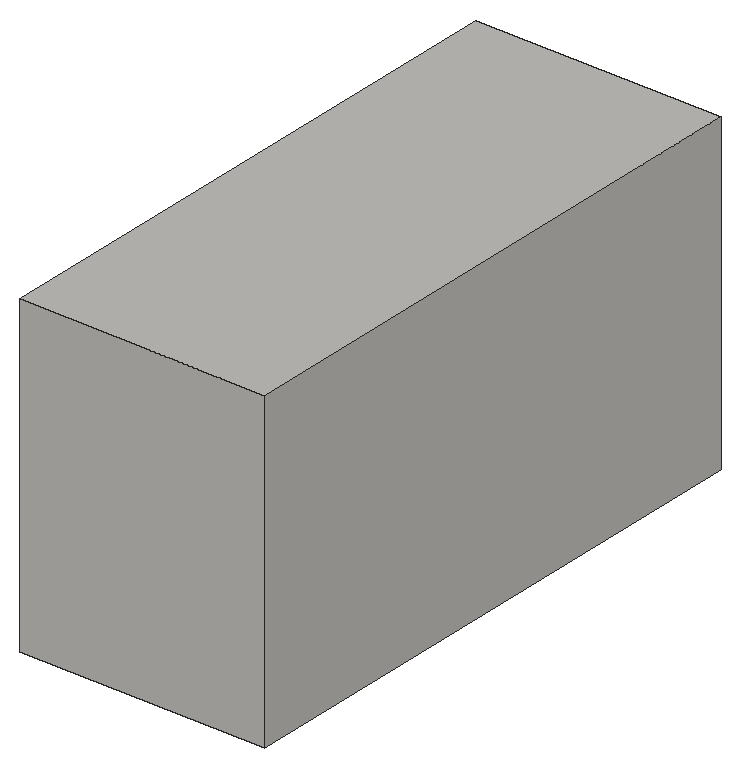
Revit family "Bench_Square-Rect_Noble", category Specialty Equipment, host Face, Revit 2017
Family settings
  Host = Face
  Round Connector Dimension = Use Diameter
  Part Type = Normal
  OmniClass Number = 23.45.55.21
  OmniClass Title = Drains (Wastes)
  Cut with Voids When Loaded = No
  Shared = No
  Room Calculation Point = No
Parameters (values of type "Rectangular Bench #411")
  Width = 15 1/2"
  URL = "www.noblecompany.com"
  Type Comments = ""
  Tile [instance] = Stainless Steel - Brushed
  Product Properties = "http://www.noblecompany.com/Portals/0/PRODUCT%20INFO/Product%20Descriptions/FreeStyle%20Linear%20Drain%20Product%20Decription%200410.pdf"
  Product Data = "http://www.noblecompany.com/Products/ShowerProducts/tabid/59/Default.aspx"
  Model = ""
  Manufacturer Phone - Toll Free = "800-878-5788"
  Manufacturer Phone = "231-799-8000"
  Manufacturer Fax = "231-799-8850"
  Manufacturer Email = "mailto:sales@noblecompany.com"
  Manufacturer Address = "7300 Enterprise Drive, Spring Lake, MI  49456 USA"
  Manufacturer = "Noble Company"
  Length = 36"
  Installation-Fabrication = "http://www.noblecompany.com/Portals/0/PRODUCT%20INFO/Product%20Descriptions/FreeStyle%20Linear%20Drain%20Product%20Decription%200410.pdf"
  Height = 20"
  Description = "Freestyle 24 ABS - Wave Linear Drain"
  Building Codes = "http://www.noblecompany.com/Portals/0/TECHNICAL%20INFO/Listing_Testing_Certification_Reports/PMG-1065%20Noble%20Company%20Linear%20Drain%20final%202.pdf"
  Base = Polymer coated Expanded Polystyrene
  Assembly Code = "D2030300"
  Default Elevation = 0"
Types (3): name | Width | Length
  Square Bench #404 | 11 1/2" | 11 1/2"
  Rectangular Bench #411 | 15 1/2" | 36"
  Rectangular Bench #412 | 11 1/2" | 36"
Reference planes (in)
  plane 1 "Center (Front/Back)": y = 0
  plane 2: z = 0
  plane 3 "Center (Left/Right)": x = 0
  plane 4: x = 15.5
  plane 5: y = 36
  plane 6: z = 20
Forms (in)
  Extrusion 1, solid, material "Polymer coated Expanded Polystyrene" <- "Base"
    sketch origin (0, 0, 0) x (1, 0, 0) y (0, 1, 0)
      loop
        line (0, 36) -> (0, 0) -> (15.5, 0) -> (15.5, 36) -> (0, 36)
    from 0 to 20
Dimensions and locks (in)
  "Height": plane 6 to level
  "Length": plane 1 "Center (Front/Back)" to plane 5
  "Width": plane 3 "Center (Left/Right)" to plane 4
  aligned and locked: plane 2 to host face
  aligned and locked: level to host face
  aligned and locked: plane 6 to Extrusion 1
Automatic sketch dimensions
  host sketch curve to host sketch curve = 97.52679"
  host sketch curve to host sketch curve = 96"
  plane 1 "Center (Front/Back)" to Extrusion 1 sketch curve = 0"
  Extrusion 1 sketch curve to plane 3 "Center (Left/Right)" = 0"
  Extrusion 1 sketch curve to plane 4 = 0"
  Extrusion 1 sketch curve to plane 5 = 0"
